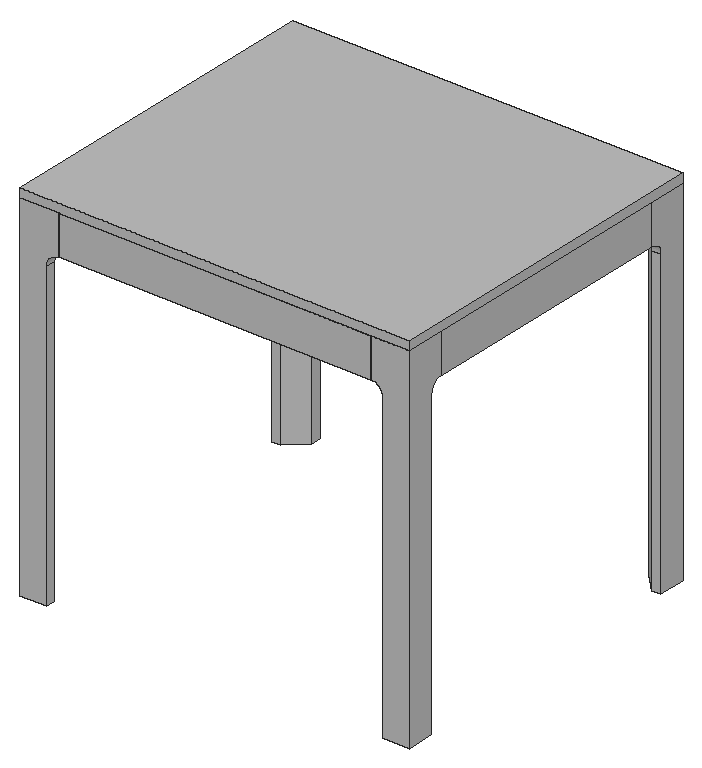
Revit family "EKEDALEN", category Furniture, Revit 2019
Family settings
  OmniClass Number = 23.40.20.00
  OmniClass Title = General Furniture and Specialties
  Work Plane-Based = No
  Always vertical = Yes
  Cut with Voids When Loaded = No
  Shared = No
  Room Calculation Point = No
Parameters
  www.revitwatch.com = ""
  W1 = 55 mm
  Material = Orrsta
  Full Length = yes
  Radius = 25 mm
  Length = 800 mm
  L2 = 19 mm
  Height = 750 mm
  H2 = 19 mm
  H1 = Height - 100 mm  # 650 mm
  Depth = 700 mm
Reference planes
  plane 1 "Center (Front/Back)": y = 0
  plane 2: z = 0
  plane 3 "Center (Left/Right)": x = 0
  plane 4: x = -400
  plane 5: x = 400
  plane 6: y = -350
  plane 7: y = 350
  plane 8: z = 750
  plane 9: x = -400
  plane 10: z = 650
  plane 11: x = -345
  plane 12: y = 295
  plane 13: y = -295
  plane 14: x = 345
  plane 15: z = 731
  plane 16: y = 270
  plane 17: y = -270
  plane 18: x = -320
  plane 19: x = 320
Forms (mm)
  Sweep 1, solid, material "Orrsta" <- "Material"
    path origin (0, 0, 0) x (1, 0, 0) y (0, 0, 1)
      loop
        line (0, 750) -> (0, 731)
    profile origin (0, 0, 740.5) x (0, -1, 0) y (1, 0, 0)
      loop
        line (-350, -400) -> (350, -400) -> (350, 400) -> (-350, 400) -> (-350, -400)
  Sweep 2, solid, material "Orrsta" <- "Material"
    path origin (0, 0, 0) x (1, 0, 0) y (0, 0, 1)
      loop
        line (-400, 731) -> (-400, 0)
    profile origin (-400, 0, 365.5) x (0, -1, 0) y (1, 0, 0)
      loop
        line (-350, 0) -> (-295, 0) -> (-295, 19) -> (-331, 55) -> (-350, 55) -> (-350, 0)
  Sweep 3, solid, material "Orrsta" <- "Material"
    path origin (0, 0, 0) x (1, 0, 0) y (0, 0, 1)
      loop
        line (400, 731) -> (400, 0)
    profile origin (400, 0, 365.5) x (0, -1, 0) y (1, 0, 0)
      loop
        line (350, -55) -> (350, 0) -> (295, 0) -> (295, -19) -> (331, -55) -> (350, -55)
  Sweep 4, solid, material "Orrsta" <- "Material"
    path origin (0, 0, 0) x (1, 0, 0) y (0, 0, 1)
      loop
        line (-400, 731) -> (-400, 0)
    profile origin (-400, 0, 365.5) x (0, -1, 0) y (1, 0, 0)
      loop
        line (295, 0) -> (350, 0) -> (350, 55) -> (331, 55) -> (295, 19) -> (295, 0)
  Sweep 5, solid, material "Orrsta" <- "Material"
    path origin (0, 0, 0) x (1, 0, 0) y (0, 0, 1)
      loop
        line (400, 731) -> (400, 0)
    profile origin (400, 0, 365.5) x (0, -1, 0) y (1, 0, 0)
      loop
        line (-350, -55) -> (-331, -55) -> (-295, -19) -> (-295, 0) -> (-350, 0) -> (-350, -55)
  Sweep 6, solid, material "Orrsta" <- "Material"
    path origin (0, 0, 0) x (1, 0, 0) y (0, 1, 0)
      loop
        line (400, 270) -> (400, -270)
    profile origin (400, 0, 0) x (1, 0, 0) y (0, 0, 1)
      loop
        line (-19, 731) -> (-19, 650) -> (0, 650) -> (0, 731) -> (-19, 731)
  Sweep 7, solid, material "Orrsta" <- "Material"
    path origin (0, 0, 0) x (1, 0, 0) y (0, 1, 0)
      loop
        line (381, 295) -> (400, 295)
    profile origin (390.5, 295, 0) x (0, 1, 0) y (0, 0, 1)
      loop
        line (0, 650) -> (-25, 650)
        arc (-25, 650) -> (-7.322, 642.678) -> (0, 625) r 25
        line (0, 625) -> (0, 650)
  Sweep 8, solid, material "Orrsta" <- "Material"
    path origin (0, 0, 0) x (1, 0, 0) y (0, 1, 0)
      loop
        line (400, 295) -> (400, 270)
    profile origin (400, 282.5, 0) x (1, 0, 0) y (0, 0, 1)
      loop
        line (-19, 731) -> (-19, 650) -> (0, 650) -> (0, 731) -> (-19, 731)
  Sweep 9, solid, material "Orrsta" <- "Material"
    path origin (0, 0, 0) x (1, 0, 0) y (0, -1, 0)
      loop
        line (381, 295) -> (400, 295)
    profile origin (390.5, -295, 0) x (0, 1, 0) y (0, 0, 1)
      loop
        line (0, 650) -> (0, 625)
        arc (0, 625) -> (7.322, 642.678) -> (25, 650) r 25
        line (25, 650) -> (0, 650)
  Sweep 10, solid, material "Orrsta" <- "Material"
    path origin (0, 0, 0) x (1, 0, 0) y (0, -1, 0)
      loop
        line (400, 295) -> (400, 270)
    profile origin (400, -282.5, 0) x (-1, 0, 0) y (0, 0, 1)
      loop
        line (19, 731) -> (0, 731) -> (0, 650) -> (19, 650) -> (19, 731)
  Sweep 11, solid, material "Orrsta" <- "Material"
    path origin (0, 0, 0) x (-1, 0, 0) y (0, 1, 0)
      loop
        line (400, 270) -> (400, -270)
    profile origin (-400, 0, 0) x (1, 0, 0) y (0, 0, 1)
      loop
        line (19, 731) -> (0, 731) -> (0, 650) -> (19, 650) -> (19, 731)
  Sweep 12, solid, material "Orrsta" <- "Material"
    path origin (50, 50, 0) x (0, 1, 0) y (-1, 0, 0)
      loop
        line (300, 370) -> (300, -270)
    profile origin (0, 350, 0) x (0, 1, 0) y (0, 0, 1)
      loop
        line (-19, 731) -> (-19, 650) -> (0, 650) -> (0, 731) -> (-19, 731)
  Sweep 13, solid, material "Orrsta" <- "Material"
    path origin (50, -50, 0) x (0, -1, 0) y (-1, 0, 0)
      loop
        line (300, 370) -> (300, -270)
    profile origin (0, -350, 0) x (0, 1, 0) y (0, 0, 1)
      loop
        line (19, 731) -> (0, 731) -> (0, 650) -> (19, 650) -> (19, 731)
  Sweep 14, solid, material "Orrsta" <- "Material"
    path origin (0, 0, 0) x (-1, 0, 0) y (0, 1, 0)
      loop
        line (381, 295) -> (400, 295)
    profile origin (-390.5, 295, 0) x (0, -1, 0) y (0, 0, 1)
      loop
        line (0, 650) -> (0, 625)
        arc (0, 625) -> (7.322, 642.678) -> (25, 650) r 25
        line (25, 650) -> (0, 650)
  Sweep 15, solid, material "Orrsta" <- "Material"
    path origin (0, 0, 0) x (-1, 0, 0) y (0, -1, 0)
      loop
        line (381, 295) -> (400, 295)
    profile origin (-390.5, -295, 0) x (0, -1, 0) y (0, 0, 1)
      loop
        line (0, 650) -> (-25, 650)
        arc (-25, 650) -> (-7.322, 642.678) -> (0, 625) r 25
        line (0, 625) -> (0, 650)
  Sweep 16, solid, material "Orrsta" <- "Material"
    path in 3D
      loop
        line (-381, 270, 650) -> (-400, 270, 650)
    profile origin (-390.5, 270, 650) x (0, -1, 0) y (0, 0, 1)
      loop
        line (0, 0) -> (0, 81) -> (-25, 81) -> (-25, 0) -> (0, 0)
  Sweep 17, solid, material "Orrsta" <- "Material"
    path in 3D
      loop
        line (-381, -295, 650) -> (-400, -295, 650)
    profile origin (-390.5, -295, 650) x (0, -1, 0) y (0, 0, 1)
      loop
        line (-25, 0) -> (0, 0) -> (0, 81) -> (-25, 81) -> (-25, 0)
  Sweep 18, solid, material "Orrsta" <- "Material"
    path in 3D
      loop
        line (-320, 331, 731) -> (-320, 350, 731)
    profile origin (-320, 340.5, 731) x (-1, 0, 0) y (0, 0, 1)
      loop
        line (0, -81) -> (25, -81) -> (25, 0) -> (0, 0) -> (0, -81)
  Sweep 19, solid, material "Orrsta" <- "Material"
    path in 3D
      loop
        line (-345, -350, 731) -> (-345, -331, 731)
    profile origin (-345, -340.5, 731) x (-1, 0, 0) y (0, 0, 1)
      loop
        line (0, 0) -> (-25, 0) -> (-25, -81) -> (0, -81) -> (0, 0)
  Sweep 20, solid, material "Orrsta" <- "Material"
    path in 3D
      loop
        line (320, 331, 650) -> (320, 350, 650)
    profile origin (320, 340.5, 650) x (1, 0, 0) y (0, 0, -1)
      loop
        line (25, 0) -> (0, 0) -> (0, -81) -> (25, -81) -> (25, 0)
  Sweep 21, solid, material "Orrsta" <- "Material"
    path in 3D
      loop
        line (320, -350, 650) -> (320, -331, 650)
    profile origin (320, -340.5, 650) x (1, 0, 0) y (0, 0, -1)
      loop
        line (25, 0) -> (0, 0) -> (0, -81) -> (25, -81) -> (25, 0)
  Sweep 22, solid, material "Orrsta" <- "Material"
    path origin (0, 0, 0) x (1, 0, 0) y (0, 1, 0)
      loop
        line (345, -331) -> (345, -350)
    profile origin (345, -340.5, 0) x (1, 0, 0) y (0, 0, 1)
      loop
        line (0, 650) -> (-25, 650)
        arc (-25, 650) -> (-7.322, 642.678) -> (0, 625) r 25
        line (0, 625) -> (0, 650)
  Sweep 23, solid, material "Orrsta" <- "Material"
    path origin (0, 0, 0) x (-1, 0, 0) y (0, 1, 0)
      loop
        line (345, -331) -> (345, -350)
    profile origin (-345, -340.5, 0) x (1, 0, 0) y (0, 0, 1)
      loop
        line (0, 650) -> (0, 625)
        arc (0, 625) -> (7.322, 642.678) -> (25, 650) r 25
        line (25, 650) -> (0, 650)
  Sweep 24, solid, material "Orrsta" <- "Material"
    path origin (0, 0, 0) x (1, 0, 0) y (0, -1, 0)
      loop
        line (345, -331) -> (345, -350)
    profile origin (345, 340.5, 0) x (-1, 0, 0) y (0, 0, 1)
      loop
        line (0, 650) -> (0, 625)
        arc (0, 625) -> (7.322, 642.678) -> (25, 650) r 25
        line (25, 650) -> (0, 650)
  Sweep 25, solid, material "Orrsta" <- "Material"
    path origin (0, 0, 0) x (-1, 0, 0) y (0, -1, 0)
      loop
        line (345, -331) -> (345, -350)
    profile origin (-345, 340.5, 0) x (-1, 0, 0) y (0, 0, 1)
      loop
        line (0, 650) -> (-25, 650)
        arc (-25, 650) -> (-7.322, 642.678) -> (0, 625) r 25
        line (0, 625) -> (0, 650)
Cuts and joins
  joined: Sweep 5, Sweep 7, Sweep 8, Sweep 20, Sweep 24
  joined: Sweep 3, Sweep 9, Sweep 10, Sweep 21, Sweep 22
  joined: Sweep 2, Sweep 14, Sweep 16, Sweep 18, Sweep 25
  joined: Sweep 4, Sweep 15, Sweep 17, Sweep 19, Sweep 23
Lines and regions (mm)
  sketch lines
    curve 1: line (-381, 270, 650) -> (-400, 270, 650)
    curve 2: line (-381, -295, 650) -> (-400, -295, 650)
    curve 3: line (-345, -350, 731) -> (-345, -331, 731)
    curve 4: line (320, 331, 650) -> (320, 350, 650)
    curve 5: line (320, -350, 650) -> (320, -331, 650)
    curve 6: line (-320, 331, 731) -> (-320, 350, 731)
  symbolic lines, style "FurnitureHiddenLines", visible <- "Full Length"
    curve 7: line (-800, 350, 0) -> (-800, -350, 0)
Dimensions and locks
  equal spacing: plane 6, plane 1 "Center (Front/Back)", plane 7
  equal spacing: plane 4, plane 3 "Center (Left/Right)", plane 5
  "Length": plane 4 to plane 5
  "Depth": plane 6 to plane 7
  "Height": plane 8 to level
  plane 9 to plane 5 = 800 mm
  "H1": plane 10 to level
  "W1": plane 4 to plane 11
  "W1": plane 14 to plane 5
  "W1": plane 6 to plane 13
  "W1": plane 7 to plane 12
  "H2": plane 8 to plane 15
  "L2": Sweep 2 sketch curve to plane 7
  "L2": plane 4 to Sweep 2 sketch curve
  "L2": Sweep 3 sketch curve to plane 5
  "L2": plane 6 to Sweep 3 sketch curve
  "L2": plane 6 to Sweep 4 sketch curve
  "L2": plane 4 to Sweep 4 sketch curve
  "L2": Sweep 5 sketch curve to plane 5
  "L2": Sweep 5 sketch curve to plane 7
  "Radius": plane 17 to plane 13
  "Radius": plane 12 to plane 16
  "Radius": plane 11 to plane 18
  "Radius": plane 19 to plane 14
  locked: curve 7 to plane 9 at 400
  "Radius": radius of Sweep 7 sketch curve
  "Radius": radius of Sweep 9 sketch curve
  "Radius": radius of Sweep 14 sketch curve
  "Radius": radius of Sweep 15 sketch curve
  "Radius": radius of Sweep 22 sketch curve
  "Radius": radius of Sweep 23 sketch curve
  "Radius": radius of Sweep 24 sketch curve
  "Radius": radius of Sweep 25 sketch curve
  aligned and locked: level to plane 2
  aligned and locked: Sweep 1 sketch curve to plane 3 "Center (Left/Right)"
  aligned and locked: plane 8 to Sweep 1 sketch curve
  aligned and locked: plane 15 to Sweep 1 sketch curve
  aligned and locked: plane 6 to Sweep 1 sketch curve
  aligned and locked: Sweep 1 sketch curve to plane 5
  aligned and locked: Sweep 1 sketch curve to plane 7
  aligned and locked: Sweep 1 sketch curve to plane 4
  aligned and locked: level to Sweep 2 sketch curve
  aligned and locked: plane 15 to Sweep 2 sketch curve
  aligned and locked: Sweep 2 sketch curve to plane 4  (x2)
  aligned and locked: plane 7 to Sweep 2 sketch curve
  aligned and locked: Sweep 2 sketch curve to plane 12
  aligned and locked: Sweep 2 sketch curve to plane 11
  aligned and locked: plane 15 to Sweep 3 sketch curve
  aligned and locked: level to Sweep 3 sketch curve
  aligned and locked: Sweep 3 sketch curve to plane 5
  aligned and locked: plane 6 to Sweep 3 sketch curve
  aligned and locked: plane 5 to Sweep 3 sketch curve
  aligned and locked: Sweep 3 sketch curve to plane 13
  aligned and locked: plane 14 to Sweep 3 sketch curve
  aligned and locked: Sweep 4 sketch curve to plane 4  (x2)
  aligned and locked: plane 15 to Sweep 4 sketch curve
  aligned and locked: level to Sweep 4 sketch curve
  aligned and locked: Sweep 4 sketch curve to plane 13
  aligned and locked: plane 6 to Sweep 4 sketch curve
  aligned and locked: plane 11 to Sweep 4 sketch curve
  aligned and locked: Sweep 5 sketch curve to plane 5
  aligned and locked: plane 15 to Sweep 5 sketch curve
  aligned and locked: level to Sweep 5 sketch curve
  aligned and locked: Sweep 5 sketch curve to plane 7
  aligned and locked: plane 5 to Sweep 5 sketch curve
  aligned and locked: Sweep 5 sketch curve to plane 12
  aligned and locked: plane 14 to Sweep 5 sketch curve
  aligned and locked: Sweep 6 sketch curve to plane 5
  aligned and locked: plane 5 to Sweep 6 sketch curve
  aligned and locked: Sweep 6 sketch curve to Sweep 3
  aligned and locked: Sweep 6 sketch curve to plane 10
  aligned and locked: plane 15 to Sweep 6 sketch curve
  aligned and locked: plane 16 to Sweep 6 sketch curve
  aligned and locked: plane 17 to Sweep 6 sketch curve
  aligned and locked: Sweep 7 sketch curve to plane 12
  aligned and locked: plane 5 to Sweep 7 sketch curve
  aligned and locked: Sweep 7 sketch curve to Sweep 6
  aligned and locked: plane 10 to Sweep 7 sketch curve
  aligned and locked: plane 12 to Sweep 8 sketch curve
  aligned and locked: plane 16 to Sweep 8 sketch curve
  aligned and locked: Sweep 8 sketch curve to plane 5  (x2)
  aligned and locked: Sweep 8 sketch curve to plane 15
  aligned and locked: Sweep 8 sketch curve to Sweep 6
  aligned and locked: plane 10 to Sweep 8 sketch curve
  aligned and locked: plane 16 to Sweep 11 sketch curve
  aligned and locked: plane 17 to Sweep 11 sketch curve
  aligned and locked: Sweep 11 sketch curve to plane 4
  aligned and locked: plane 4 to Sweep 11 sketch curve
  aligned and locked: Sweep 11 sketch curve to plane 15
  aligned and locked: plane 10 to Sweep 11 sketch curve
  aligned and locked: Sweep 11 sketch curve to Sweep 4
  aligned and locked: plane 7 to Sweep 12 sketch curve
  aligned and locked: plane 18 to Sweep 12 sketch curve
  aligned and locked: plane 19 to Sweep 12 sketch curve
  aligned and locked: Sweep 12 sketch curve to plane 7
  aligned and locked: Sweep 12 sketch curve to plane 10
  aligned and locked: plane 15 to Sweep 12 sketch curve
  aligned and locked: Sweep 12 sketch curve to Sweep 2
  aligned and locked: plane 6 to Sweep 13 sketch curve
  aligned and locked: plane 18 to Sweep 13 sketch curve
  aligned and locked: plane 19 to Sweep 13 sketch curve
  aligned and locked: Sweep 13 sketch curve to plane 6
  aligned and locked: plane 10 to Sweep 13 sketch curve
  aligned and locked: Sweep 13 sketch curve to plane 15
  aligned and locked: Sweep 13 sketch curve to Sweep 4
  aligned and locked: Sweep 9 sketch curve to plane 10
  aligned and locked: plane 10 to Sweep 14 sketch curve
  aligned and locked: Sweep 15 sketch curve to plane 10
  aligned and locked: Sweep 15 sketch curve to Sweep 11
  aligned and locked: Sweep 6 to Sweep 9 sketch curve
  aligned and locked: Sweep 11 to Sweep 14 sketch curve
  aligned and locked: Sweep 16 sketch curve to Sweep 11
  aligned and locked: Sweep 11 to Sweep 16 sketch curve
  aligned and locked: Sweep 16 sketch curve to Sweep 14
  aligned and locked: Sweep 2 to Sweep 16 sketch curve
  aligned and locked: Sweep 17 sketch curve to Sweep 11
  aligned and locked: Sweep 1 to Sweep 17 sketch curve
  aligned and locked: Sweep 17 sketch curve to Sweep 4
  aligned and locked: Sweep 17 sketch curve to Sweep 15
  aligned and locked: Sweep 18 sketch curve to plane 18
  aligned and locked: plane 10 to Sweep 18 sketch curve
  aligned and locked: plane 11 to Sweep 18 sketch curve
  aligned and locked: plane 15 to Sweep 18 sketch curve
  aligned and locked: Sweep 19 sketch curve to plane 10
  aligned and locked: Sweep 19 sketch curve to plane 18
  aligned and locked: Sweep 19 sketch curve to plane 11
  aligned and locked: plane 15 to Sweep 19 sketch curve
  aligned and locked: Sweep 20 sketch curve to Sweep 12  (x3)
  aligned and locked: cut or joined group of Sweep 5, Sweep 7, Sweep 8, Sweep 20, Sweep 24 to Sweep 20 sketch curve
  aligned and locked: cut or joined group of Sweep 3, Sweep 9, Sweep 10, Sweep 21, Sweep 22 to Sweep 21 sketch curve
  aligned and locked: Sweep 21 sketch curve to Sweep 13  (x2)
  aligned and locked: Sweep 1 to Sweep 21 sketch curve
  aligned and locked: plane 14 to Sweep 22 sketch curve
  aligned and locked: plane 6 to Sweep 22 sketch curve
  aligned and locked: Sweep 22 sketch curve to cut or joined group of Sweep 3, Sweep 9, Sweep 10, Sweep 21, Sweep 22
  aligned and locked: plane 10 to Sweep 22 sketch curve
  aligned and locked: Sweep 23 sketch curve to plane 11
  aligned and locked: plane 6 to Sweep 23 sketch curve
  aligned and locked: cut or joined group of Sweep 4, Sweep 15, Sweep 17, Sweep 19, Sweep 23 to Sweep 23 sketch curve
  aligned and locked: Sweep 23 sketch curve to plane 10
  aligned and locked: plane 7 to Sweep 24 sketch curve
  aligned and locked: Sweep 24 sketch curve to plane 14
  aligned and locked: Sweep 24 sketch curve to cut or joined group of Sweep 5, Sweep 7, Sweep 8, Sweep 20, Sweep 24
  aligned and locked: plane 10 to Sweep 24 sketch curve
  aligned and locked: plane 7 to Sweep 25 sketch curve
  aligned and locked: Sweep 25 sketch curve to Sweep 12
  aligned and locked: plane 11 to Sweep 25 sketch curve
  aligned and locked: Sweep 25 sketch curve to plane 10
  aligned and locked: Sweep 10 sketch curve to Sweep 6
  aligned and locked: Sweep 10 sketch curve to plane 15
  aligned and locked: Sweep 10 sketch curve to plane 5
Automatic sketch dimensions
  Sweep 9 sketch curve to plane 5 = 0 mm
  plane 13 to Sweep 9 sketch curve = 0 mm
  Sweep 10 sketch curve to plane 5 = 0 mm
  Sweep 10 sketch curve to plane 17 = 0 mm
  plane 13 to Sweep 10 sketch curve = 0 mm
  Sweep 14 sketch curve to plane 4 = 0 mm
  Sweep 14 sketch curve to plane 12 = 0 mm
  Sweep 15 sketch curve to plane 4 = 0 mm
  plane 13 to Sweep 15 sketch curve = 0 mm
  plane 7 to curve 7 = 0 mm
  plane 6 to curve 7 = 0 mm
  Sweep 10 sketch curve to Sweep 10 sketch curve = 19 mm
  Sweep 7 sketch curve to profile plane = 0 mm
  Sweep 9 sketch curve to profile plane = 0 mm
  Sweep 14 sketch curve to profile plane = 0 mm
  Sweep 15 sketch curve to profile plane = 0 mm
  profile plane to Sweep 22 sketch curve = 0 mm
  profile plane to Sweep 23 sketch curve = 0 mm
  Sweep 24 sketch curve to profile plane = 0 mm
  Sweep 25 sketch curve to profile plane = 0 mm
